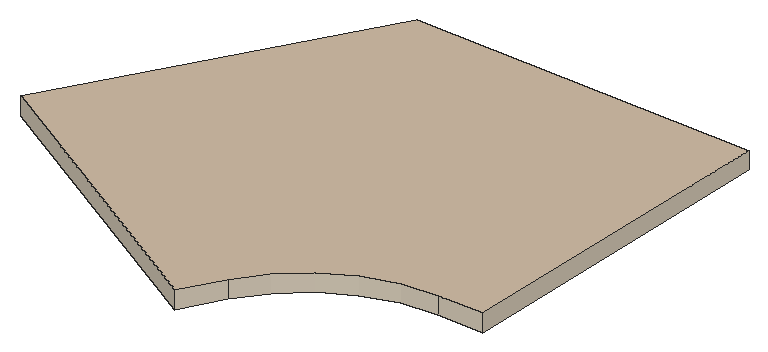
Revit family "afec57b91d9f47a597f2f816b29c601d", category Furniture Systems, Revit 2021
Family settings
  Round Connector Dimension = Use Diameter
  Part Type = Normal
  OmniClass Number = 23.40.70.14.64.21
  OmniClass Title = Systems Furniture
  Work Plane-Based = No
  Always vertical = Yes
  Cut with Voids When Loaded = No
  Shared = No
  Room Calculation Point = No
Parameters (values of type "24" x 24"")
  Work Surface Material [instance] = Plastic Laminate - White Oak
  Type Comments = "24\" x 24\" 120 Degree Work Surface"
  Thickness = 1 1/4"
  Width = 24"
  Model = ""
  Manufacturer = ""
  Height = 30"
  Edge Material [instance] = Plastic Laminate - Beige - Light - Smooth
  Description = ""
  Depth = 24"
  Default Elevation = 0"
Reference planes (in)
  plane 1 "Center F/B": y = 0
  plane 2: z = 0
  plane 3 "Center L/R": x = 0
  plane 4 "Front": y = -24
  plane 5 "Right": x = 24
  plane 6 "Top": z = 30
  plane 7 "Bottom": z = 28.75
Forms (in)
  Extrusion 1, solid, material "Plastic Laminate - White Oak" <- "Work Surface Material"
    sketch origin (13, -11, 0) x (1, 0, 0) y (0, 1, 0)
      loop
        line (-13, 11) -> (-25, -9.78461) -> (-4.21539, -21.78461) -> (-2.6077, -19)
        arc (-2.6077, -19) -> (1.78461, -14.6077) -> (7.78461, -13) r 12
        line (7.78461, -13) -> (11, -13) -> (11, 11) -> (-13, 11)
    from 28.75 to 30
Lines and regions (in)
  Masking region 1
    outline origin (21, -8, 0) x (1, 0, 0) y (0, 1, 0)
      loop
        line (-21, 8) -> (-33, -12.78461) -> (-12.21539, -24.78461) -> (-10.6077, -22)
        arc (-10.6077, -22) -> (-6.21539, -17.6077) -> (-0.21539, -16) r 12
        line (-0.21539, -16) -> (3, -16) -> (3, 8) -> (-21, 8)
  reference lines
    curve 1: line (0, 0, 0) -> (-12, -20.78461, 0)
    curve 2: line (-12, -20.78461, 0) -> (8.78461, -32.78461, 0)
    curve 3: line (8.78461, -32.78461, 0) -> (20.78461, -12, 0)
Dimensions and locks (in)
  "Width": plane 3 "Center L/R" to plane 5 "Right"
  "Depth": plane 4 "Front" to plane 1 "Center F/B"
  "Thickness": plane 6 "Top" to plane 7 "Bottom"
  "Width": curve 1 to curve 1
  "Depth": curve 1 to curve 3
  "Height": plane 6 "Top" to plane 2
  radius of Extrusion 1 sketch curve = 12"
  locked: curve 1 to plane 1 "Center F/B" (angle 120.00°)
  locked: curve 2 to curve 1 (angle 90.00°)
  locked: curve 3 to curve 2 (angle 90.00°)
  aligned and locked: level to plane 2
  aligned and locked: plane 6 "Top" to Extrusion 1
  aligned and locked: Extrusion 1 to plane 7 "Bottom"
  aligned and locked: plane 1 "Center F/B" to Extrusion 1 sketch curve
  aligned and locked: plane 5 "Right" to Extrusion 1 sketch curve  (x2)
  aligned and locked: plane 4 "Front" to Extrusion 1 sketch curve
  aligned and locked: Extrusion 1 sketch curve to curve 1
  aligned and locked: Extrusion 1 sketch curve to curve 2
  aligned and locked: Extrusion 1 sketch curve to curve 3
  aligned and locked: plane 1 "Center F/B" to Masking region 1 sketch curve
  aligned and locked: plane 4 "Front" to Masking region 1 sketch curve
  aligned and locked: plane 5 "Right" to Masking region 1 sketch curve  (x2)
  aligned and locked: Masking region 1 sketch curve to Extrusion 1  (x4)
Automatic sketch dimensions
  plane 1 "Center F/B" to curve 1 = 0"
  curve 1 to plane 3 "Center L/R" = 0"
  Extrusion 1 sketch curve to plane 4 "Front" = 6"
  Masking region 1 sketch curve to plane 4 "Front" = 6"
